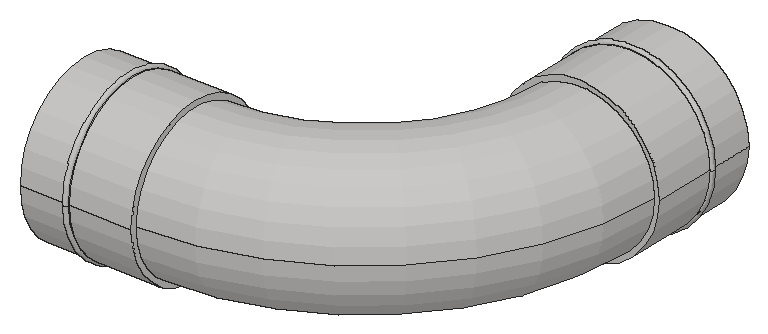
Revit family "Bend-90-B-Inox-Conex-15-54mm-PS5002 & PC5041", category Pipe Fittings, Revit 2019
Family settings
  Round Connector Dimension = Use Diameter
  Part Type = Elbow
  OmniClass Number = 23.60.30.11.14
  OmniClass Title = Pipework Fittings
  Work Plane-Based = No
  Always vertical = Yes
  Cut with Voids When Loaded = No
  Shared = No
Parameters (values of type "Standard")
  Z [instance] = size_lookup(Lookup Table Name, "Z", NominalDiameter, NominalDiameter, Angle)  # 79 mm
  Weight_KG/Ea [instance] = size_lookup(Lookup Table Name, "WT", 0, NominalDiameter, Angle)  # 0.498
  Uniformat IIElements = "TBC"
  URL = "http://www.conexbanninger.com/search.php?brands_id=34"
  Type Comments = "TBC"
  TickSize [instance] = NominalDiameter  # 54 mm
  SerialNumber [instance] = ""
  SealRingLength [instance] = SocketDepth * 0.4  # 16.4 mm
  SealRingDiameter [instance] = NominalDiameter * 1.2  # 64.8 mm
  RingThickness = 2 mm  # constant formula
  RingAlignment [instance] = Z + ((L - Z) * 0.5625)  # 102.063 mm
  RingRadius [instance] = RingThickness / 2  # 1 mm
  ProductCode [instance] = if(and(NominalDiameter = 15 mm, Angle = 90.00°), "PS 5002 0150000", if(and(NominalDiameter = 18 mm, Angle = 90.00°), "PS 5002 0180000", if(and(NominalDiameter = 22 mm, Angle = 90.00°), "PS 5002 0220000", if(and(NominalDiameter = 28 mm, Angle = 90.00°), "PS 5002 0280000", if(and(NominalDiameter = 35 mm, Angle = 90.00°), "PS 5002 0350000", if(and(NominalDiameter = 42 mm, Angle = 90.00°), "PS 5002 0420000", if(and(NominalDiameter = 54 mm, Angle = 90.00°), "PS 5002 0540000", if(and(NominalDiameter = 15 mm, Angle = 45.00°), "PS 5041 0150400", if(and(NominalDiameter = 18 mm, Angle = 45.00°), "PS 5041 0180400", if(and(NominalDiameter = 22 mm, Angle = 45.00°), "PS 5041 0220600", if(and(NominalDiameter = 28 mm, Angle = 45.00°), "PS 5041 0280800", if(and(NominalDiameter = 35 mm, Angle = 45.00°), "PS 5041 0351000", if(and(NominalDiameter = 42 mm, Angle = 45.00°), "PS 5041 0421200", if(and(NominalDiameter = 54 mm, Angle = 45.00°), "PS 5041 0541600", "ProductCode NA"))))))))))))))  # "PS 5002 0540000"
  OmniclassProducts = "TBC"
  NominalRadius [instance] = NominalDiameter / 2  # 27 mm
  NominalDiameter [instance] = 54 mm
  NATSPECWorkSection = "TBC"
  ModifiedIssue_ANZRS = 20161226.54  # constant formula
  Model Version = "2015"
  Model Status [instance] = ""
  Model Specification = "BMA"
  Model = "90° Bend & 45° Obtuse Bend"  # constant formula
  Material = Stainless Steel AISI 317
  Mark [instance] = ""
  Manufacturer = "Conex | Bänninger"  # constant formula
  Loss Method = K Coefficient from Table
  Lookup Table Name = "Bend-90-B-Inox-Conex-15-54mm-PS5002 & PC5041"
  SocketDepth [instance] = L - Z  # 41 mm
  L [instance] = size_lookup(Lookup Table Name, "L", 1.5 * NominalDiameter, NominalDiameter, Angle)  # 120 mm
  K Coefficient Table = "Regular 45, 90 and 180 Elbow"
  built-in parameter 1114238 [instance] = not(0 mm < size_lookup(Lookup Table Name, "L", 0 mm, NominalDiameter, Angle))  # (empty or 0)
  FittingOutsideRadius [instance] = FittingOutsideDiameter / 2  # 29.7 mm
  FittingOutsideDiameter [instance] = NominalDiameter * 1.1  # 59.4 mm
  FittingAngle [instance] = Angle  # 90.00°
  FinalHHWFlow [instance] = 0.0 L/s
  ElbowDiameter [instance] = NominalDiameter * 1.025  # 55.35 mm
  Description = ">B< Press Inox is a quick and simple to install flame-free fitting, manufactured using high quality hygienic stainless steel materials, suitable for multiple applications."  # constant formula
  CustomFitting [instance] = not(0 mm < size_lookup(Lookup Table Name, "L", 0 mm, NominalDiameter, Angle))  # no
  CreatedByURL_ANZRS = "http://www.bimmepaus.com.au/"
  CreatedBy = "A2K Technologies"  # constant formula
  ConnectorTolerance = 2.00°
  ConnectorAngle [instance] = 90.00°
  CenterRadius [instance] = Z  # 79 mm
  CenterEnd [instance] = CenterRadius * tan(FittingAngle / 2)  # 79 mm
  Assembly Code = "D2090800"
  Angle [instance] = if(and(ConnectorAngle < 45.00° + ConnectorTolerance, ConnectorAngle > 45.00° - ConnectorTolerance), 45.00°, if(and(ConnectorAngle < 90.00° + ConnectorTolerance, ConnectorAngle > 90.00° - ConnectorTolerance), 90.00°, if(and(ConnectorAngle < 5.00° + ConnectorTolerance, ConnectorAngle > 5.00° - ConnectorTolerance), 5.00°, if(and(ConnectorAngle < 15.00° + ConnectorTolerance, ConnectorAngle > 15.00° - ConnectorTolerance), 15.00°, if(and(ConnectorAngle < 30.00° + ConnectorTolerance, ConnectorAngle > 30.00° - ConnectorTolerance), 30.00°, if(and(ConnectorAngle < 60.00° + ConnectorTolerance, ConnectorAngle > 60.00° - ConnectorTolerance), 60.00°, ConnectorAngle))))))  # 90.00°
  2DLineLength [instance] = L - SocketDepth  # 79 mm
Reference planes
  plane 1 "Center (Front/Back)": y = 0
  plane 2: z = 0
  plane 3 "Center (Left/Right)": x = 0
  plane 4: x = -120
  plane 5: x = -79
  plane 6 "RingCenter": x = -96.142
  plane 7: x = -102.062
Forms (mm)
  Sweep 1, solid, material "Stainless Steel AISI 317" <- "Material", detail levels fine
    path origin (0, 0, 0) x (1, 0, 0) y (0, 1, 0)
      loop
        line (0, 120) -> (0, 79)
    profile origin (0, 99.5, 0) x (1, 0, 0) y (0, 0, 1)
      loop
        circle (0, 0) r 29.7
  Extrusion 2, solid, material "Stainless Steel AISI 317" <- "Material", detail levels fine
    sketch origin (0, 0, 0) x (0, 1, 0) y (0, 0, 1)
      loop
        circle (0, 0) r 29.7
    from -120 to -79
  Sweep 3, solid, material "Stainless Steel AISI 317" <- "Material", detail levels fine
    path origin (0, 0, 0) x (1, 0, 0) y (0, 1, 0)
      loop
        line (0, 120) -> (0, 79)
        arc (0, 79) -> (-23.139, 23.139) -> (-79, 0) r 79
        line (-79, 0) -> (-120, 0)
    profile origin (-23.139, 23.139, 0) x (0.707107, -0.707107, 0) y (0, 0, 1)
      loop
        circle (0, 0) r 27.675
  Revolve 4, solid, material "Stainless Steel AISI 317" <- "Material", detail levels fine
    sketch origin (0, 0, 0) x (1, 0, 0) y (0, 1, 0)
      loop
        line (0, 102.063) -> (0, 104.063) -> (-29.7, 104.063)
        arc (-29.7, 104.063) -> (-30.7, 103.063) -> (-29.7, 102.063) r 1
        line (-29.7, 102.063) -> (0, 102.063)
      axis (0, 102.063) -> (0, 104.063)
    angle from 0 to 360
  Revolve 5, solid, material "Stainless Steel AISI 317" <- "Material", detail levels fine
    sketch origin (0, 0, 0) x (1, 0, 0) y (0, 1, 0)
      loop
        line (-102.062, 0) -> (-102.062, 29.7)
        arc (-102.062, 29.7) -> (-103.062, 30.7) -> (-104.062, 29.7) r 1
        line (-104.062, 29.7) -> (-104.062, 0) -> (-102.062, 0)
      axis (-104.062, 0) -> (-102.062, 0)
    angle from 0 to 360
Cuts and joins
  joined: Sweep 1, Extrusion 2, Sweep 3
Lines and regions (mm)
  model lines, detail levels coarse+medium
    curve 1: line (-79, 0, 0) -> (0, 0, 0)
    curve 2: line (-120, 27, 0) -> (-79, 27, 0)
    curve 3: line (-120, -27, 0) -> (-79, -27, 0)
    curve 4: line (-79, 27, 0) -> (-79, -27, 0)
    curve 5: line (0, 0, 0) -> (0, 79, 0)
    curve 6: line (-27, 79, 0) -> (27, 79, 0)
    curve 7: line (27, 79, 0) -> (27, 120, 0)
    curve 8: line (-27, 79, 0) -> (-27, 120, 0)
Dimensions and locks
  "L": plane 4 to plane 3 "Center (Left/Right)"
  locked: profile plane to Sweep 1 sketch curve at 0
  locked: profile plane to Sweep 1 sketch curve
  locked: plane 1 "Center (Front/Back)" to Extrusion 2 sketch curve
  locked: plane 2 to Extrusion 2 sketch curve
  "SocketDepth": plane 4 to plane 5
  equal spacing: curve 3, plane 1 "Center (Front/Back)", curve 2
  "TickSize": curve 3 to curve 2
  "SocketDepth": Sweep 1 sketch curve to Sweep 1 sketch curve
  "CenterEnd": Sweep 3 sketch curve to plane 3 "Center (Left/Right)"
  "CenterRadius": plane 1 "Center (Front/Back)" to Sweep 3 sketch curve
  locked: plane 3 "Center (Left/Right)" to Sweep 3 sketch curve at 0
  plane 3 "Center (Left/Right)" to Sweep 3 sketch curve = 120 mm
  "L": curve 1 to Sweep 3 sketch curve
  locked: plane 3 "Center (Left/Right)" to Sweep 1 sketch curve
  "L": plane 3 "Center (Left/Right)" to Sweep 1 sketch curve
  "2DLineLength": curve 1 to curve 6
  locked: curve 1 to curve 5
  equal spacing: curve 7, curve 5, curve 8
  "SocketDepth": curve 8 to curve 8
  "SocketDepth": curve 7 to curve 7
  "TickSize": curve 7 to curve 8
  "RingThickness": Revolve 4 sketch curve to Revolve 4 sketch curve
  "FittingOutsideRadius": Revolve 4 sketch curve to Revolve 4 sketch curve  (x3)
  locked: curve 1 to Revolve 4 sketch curve
  locked: Revolve 4 sketch curve to curve 1 at 0
  "RingAlignment": Revolve 4 sketch curve to curve 5
  "RingAlignment": plane 7 to plane 3 "Center (Left/Right)"
  "RingThickness": Revolve 5 sketch curve to plane 7
  "FittingOutsideRadius": plane 1 "Center (Front/Back)" to Revolve 5 sketch curve
  "FittingOutsideRadius": radius of Sweep 1 sketch curve
  "FittingOutsideRadius": radius of Extrusion 2 sketch curve
  "CenterRadius": radius of Sweep 3 sketch curve
  "ElbowDiameter": diameter of Sweep 3 sketch curve
  "ConnectorAngle": angle plane 1 "Center (Front/Back)" to Sweep 1 sketch curve
  "ConnectorAngle": angle Sweep 3 sketch curve to Sweep 3 sketch curve
  "ConnectorAngle": angle plane 1 "Center (Front/Back)" to Sweep 3 sketch curve
  "ConnectorAngle": angle plane 1 "Center (Front/Back)" to curve 5
  locked: curve 5 to curve 6 (angle 90.00°)
  "ConnectorAngle": angle plane 1 "Center (Front/Back)" to curve 7
  "ConnectorAngle": angle plane 1 "Center (Front/Back)" to curve 8
  "ConnectorAngle": angle plane 1 "Center (Front/Back)" to Revolve 4 sketch curve  (x2)
  locked: Revolve 4 sketch curve to Revolve 4 sketch curve (angle 90.00°)  (x2)
  aligned and locked: level to plane 2
  aligned and locked: plane 1 "Center (Front/Back)" to curve 1
  aligned and locked: Extrusion 2 to plane 4
  aligned and locked: plane 5 to curve 1
  aligned and locked: plane 4 to curve 2
  aligned and locked: plane 4 to curve 3
  aligned and locked: curve 2 to curve 4
  aligned and locked: curve 3 to curve 4
  aligned and locked: curve 4 to plane 5
  aligned and locked: plane 5 to Extrusion 2
  aligned and locked: level to Sweep 3 sketch curve
  aligned and locked: plane 4 to Sweep 3 sketch curve
  aligned and locked: Revolve 5 sketch curve to plane 7
  aligned and locked: Revolve 5 sketch curve to plane 1 "Center (Front/Back)"
  aligned and locked: plane 1 "Center (Front/Back)" to Revolve 5 sketch curve
Automatic sketch dimensions
  plane 1 "Center (Front/Back)" to curve 1 = 0 mm
  Sweep 3 sketch curve to profile plane = 0 mm
  Revolve 4 sketch curve to plane 1 "Center (Front/Back)" = 6.057 mm
  Revolve 5 sketch curve to plane 5 = 2.141 mm
  plane 5 to Revolve 5 sketch curve = 5.272 mm
Connectors
  piping at (-79, 0, 0), diameter 54, driven by "NominalDiameter", driven by "ConnectorAngle"
    settings: on Extrusion 2, index 1, connector inside diameter 609.6 mm, connector length 0 mm, flow factor 0, pipe flow 0.0 L/s, pressure drop 0.0 Pa, fitting loss kfactor 0, connector angle 90.00°, fixture units 0, engagement length 0 mm, angle of deflection 0.00°, flow configuration 0, flow direction 0, fitting loss method 0, system type 28, joint type 0, gender type 0, connector reference index 2, connector utility 0, adjustable connector yes, is connector primary yes, connector description ""
  piping at (0, 79, 0), diameter 54, driven by "NominalDiameter", driven by "ConnectorAngle"
    settings: on Sweep 1, index 2, connector inside diameter 609.6 mm, connector length 0 mm, flow factor 0, pipe flow 0.0 L/s, pressure drop 0.0 Pa, fitting loss kfactor 0, connector angle 90.00°, fixture units 0, engagement length 0 mm, angle of deflection 0.00°, flow configuration 0, flow direction 0, fitting loss method 0, system type 28, joint type 0, gender type 0, connector reference index 1, connector utility 0, adjustable connector yes, is connector primary no, connector description ""
